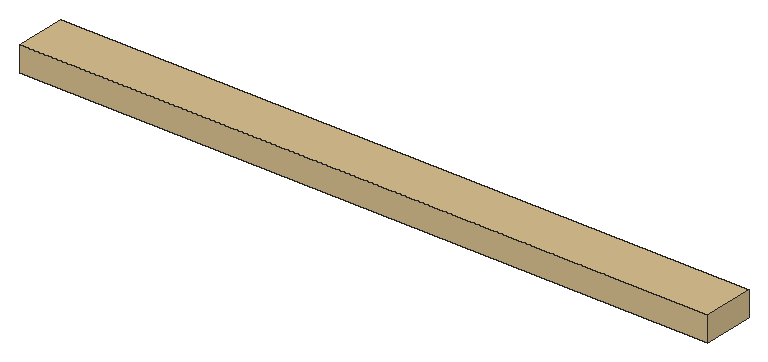
Revit family "EFBeam", category Structural Framing, Revit 2021
Family settings
  Structural Framing Length Roundoff = 0' - 0"
  Section Shape = Not Defined
  Material for Model Behavior = Wood
  Always export as geometry = No
  OmniClass Number = 23.25.30.11.14.14
  OmniClass Title = Beams
  Always vertical = Yes
  Cut with Voids When Loaded = No
  Symbolic Representation = From Project Settings
  Shared = No
  Show family pre-cut in plan views = Yes
Parameters (values of type "4X2 EFSill")
  Type Comments = "2x4"
  Structural Material = Dimensional Lumber
  Pipeline = "2x4"
  Description = "Dimension Lumber"
  A = 5.25 in²
  Assembly Code = "B10"
  Length [instance] = 5' - 0"
  b = 0' - 3 1/2"
  d = 0' - 1 3/4"
Types (5): name | b | d
  2x4 RIM Board | 0' - 1 1/2" | 0' - 3 1/2"
  4X2 Rim Board | 0' - 3 1/2" | 0' - 1 1/2"
  4X10 Rim Board | 0' - 3 1/2" | 0' - 7"
  4X2 EF | 0' - 3 1/2" | 0' - 2"
  4X2 EFSill | 0' - 3 1/2" | 0' - 1 3/4"
Reference planes (in)
  plane 1 "Center (Front/Back)": y = 0
  plane 2: z = 0
  plane 3 "Center (Left/Right)": x = 0.1815
  plane 4 "Member Left": x = -23.8185
  plane 5 "Member Right": x = 24.1815
  plane 6: y = 1.75
  plane 7: y = -1.75
  plane 8: z = 0.875
  plane 9: z = -0.875
  plane 10 "Left": x = -29.8185
  plane 11 "Stick Symbol Left": x = -17.8185
  plane 12 "Stick Symbol Right": x = 18.1815
  plane 13 "Right": x = 30.1815
Forms (in)
  Sweep 1, solid, material "Dimensional Lumber" <- "Structural Material", detail levels medium+fine
    path origin (0, 0, 0) x (1, 0, 0) y (0, 1, 0)
      loop
        line (24.1815, 0) -> (-23.8185, 0)
    profile "Rectangular Wood Beam-Profile : Rectangular Wood Beam-Profile" origin (0.1815, 0, 0) x (0, -1, 0) y (0, 0, 1)
      loop
        line (-1.75, -0.875) -> (1.75, -0.875) -> (1.75, 0.875) -> (-1.75, 0.875) -> (-1.75, -0.875)
Lines and regions (in)
  symbolic lines, style "Stick Symbols", detail levels coarse
    curve 1: line (0.1815, 1.75, 0.875) -> (0.1815, -1.75, 0.875)
    curve 2: line (0.1815, -1.75, -0.875) -> (0.1815, 1.75, -0.875)
    curve 3: line (0.1815, -1.75, 0.875) -> (0.1815, -1.75, -0.875)
    curve 4: line (0.1815, 1.75, -0.875) -> (0.1815, 1.75, 0.875)
  symbolic lines, style "Stick Symbols", detail levels medium
    curve 5: line (-23.8185, 0, 0.875) -> (24.1815, 0, 0.875)
Dimensions and locks (in)
  "b": plane 6 to plane 7
  "d": plane 9 to plane 8
  equal spacing: plane 9, plane 2, plane 8
  equal spacing: plane 6, plane 1 "Center (Front/Back)", plane 7
  "Length": plane 10 "Left" to plane 13 "Right"
  aligned and locked: Sweep 1 sketch curve to plane 1 "Center (Front/Back)"
  aligned and locked: curve 1 to Sweep 1
  aligned and locked: curve 2 to Sweep 1
  aligned and locked: curve 3 to Sweep 1
  aligned and locked: curve 4 to Sweep 1
  aligned and locked: plane 4 "Member Left" to Sweep 1 sketch curve
  aligned and locked: plane 5 "Member Right" to Sweep 1 sketch curve
  aligned and locked: plane 4 "Member Left" to curve 5
  aligned and locked: plane 5 "Member Right" to curve 5
  aligned and locked: plane 1 "Center (Front/Back)" to curve 5
